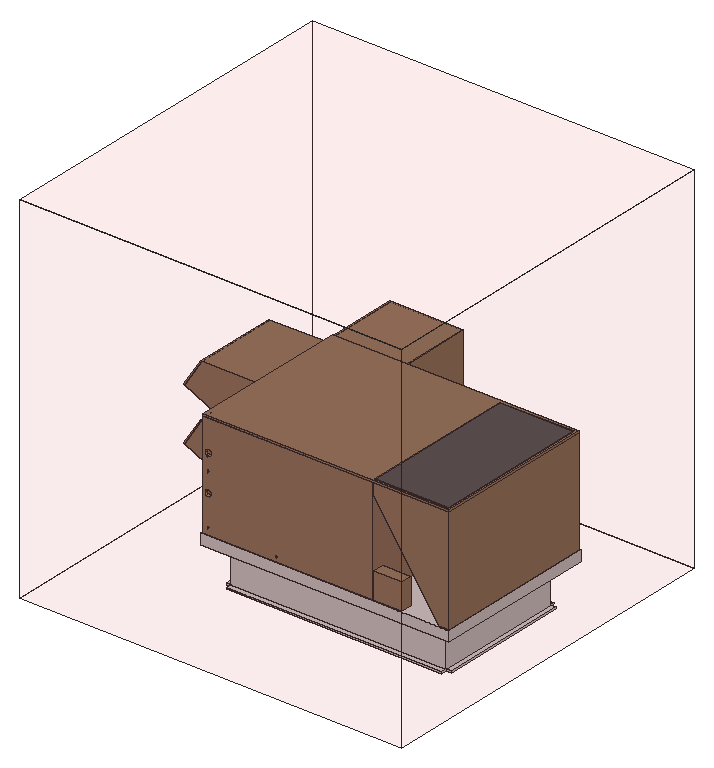
Revit family "Air_Conditioner_Packaged_Rooftop Z(F,H,S,U) 6.5-7.5T_ Z(H,J,R,T,U,W,K,V) 3T-5T", category Mechanical Equipment, Revit 2018 (continued)
Definition of nested family "Commercial_Comfort_Systems-Series_10-Johnson_Control-Curb"
  Dimensions and locks (in)
    aligned and locked: plane 19 "Top" to Extrusion 2
    aligned and locked: Extrusion 2 to plane 20 "Lip Bottom"
    aligned and locked: Extrusion 3 sketch curve to plane 9 "Frame Thickness Back"  (x2)
    aligned and locked: Extrusion 3 sketch curve to plane 12 "Frame Front"  (x2)
    aligned and locked: plane 8 "Frame Thickness Left" to Extrusion 3 sketch curve
    aligned and locked: Extrusion 3 sketch curve to plane 6 "Left"
    aligned and locked: plane 13 "Frame Right" to Extrusion 3 sketch curve
    aligned and locked: Extrusion 3 sketch curve to plane 7 "Right"
    aligned and locked: Extrusion 3 to plane 2 "Bottom"
    aligned and locked: plane 21 "Flange Top" to Extrusion 3
    aligned and locked: Extrusion 4 sketch curve to plane 8 "Frame Thickness Left"  (x2)
    aligned and locked: plane 9 "Frame Thickness Back" to Extrusion 4 sketch curve
    aligned and locked: Extrusion 4 sketch curve to plane 13 "Frame Right"  (x2)
    aligned and locked: Extrusion 4 sketch curve to plane 4 "Back"
    aligned and locked: plane 12 "Frame Front" to Extrusion 4 sketch curve
    aligned and locked: Extrusion 4 sketch curve to plane 5 "Front"
    aligned and locked: Extrusion 4 to plane 2 "Bottom"
    aligned and locked: plane 21 "Flange Top" to Extrusion 4
    aligned and locked: curve 2 to plane 6 "Left"
    aligned and locked: curve 1 to plane 4 "Back"
    aligned and locked: curve 4 to plane 7 "Right"
    aligned and locked: curve 5 to plane 4 "Back"
    aligned and locked: curve 8 to plane 7 "Right"
    aligned and locked: curve 7 to plane 5 "Front"
    aligned and locked: curve 6 to plane 6 "Left"
    aligned and locked: curve 9 to plane 9 "Frame Thickness Back"
    aligned and locked: curve 10 to plane 8 "Frame Thickness Left"
    aligned and locked: curve 11 to plane 12 "Frame Front"
    aligned and locked: curve 12 to plane 13 "Frame Right"
    aligned and locked: curve 13 to plane 9 "Frame Thickness Back"
    aligned and locked: curve 16 to plane 13 "Frame Right"
    aligned and locked: curve 14 to plane 8 "Frame Thickness Left"
    aligned and locked: curve 15 to plane 12 "Frame Front"
    aligned and locked: curve 18 to plane 6 "Left"
    aligned and locked: curve 19 to plane 5 "Front"
    aligned and locked: curve 20 to plane 7 "Right"
    aligned and locked: curve 17 to plane 4 "Back"
    aligned and locked: curve 21 to plane 4 "Back"
    aligned and locked: curve 22 to plane 6 "Left"
    aligned and locked: curve 23 to plane 5 "Front"
    aligned and locked: curve 24 to plane 7 "Right"
    aligned and locked: plane 2 "Bottom" to curve 28
    aligned and locked: plane 2 "Bottom" to curve 25
    aligned and locked: plane 2 "Bottom" to curve 32
    aligned and locked: plane 2 "Bottom" to curve 29
    aligned and locked: plane 21 "Flange Top" to curve 28
    aligned and locked: plane 21 "Flange Top" to curve 25
    aligned and locked: plane 21 "Flange Top" to curve 32
    aligned and locked: plane 21 "Flange Top" to curve 29
    aligned and locked: plane 20 "Lip Bottom" to curve 27
    aligned and locked: plane 20 "Lip Bottom" to curve 26
    aligned and locked: plane 20 "Lip Bottom" to curve 31
    aligned and locked: plane 20 "Lip Bottom" to curve 30
    aligned and locked: plane 19 "Top" to curve 30
    aligned and locked: plane 19 "Top" to curve 31
    aligned and locked: plane 19 "Top" to curve 26
    aligned and locked: plane 19 "Top" to curve 27
    aligned and locked: curve 26 to plane 6 "Left"
    aligned and locked: curve 27 to plane 6 "Left"
    aligned and locked: curve 25 to plane 6 "Left"
    aligned and locked: curve 28 to plane 6 "Left"
    aligned and locked: plane 7 "Right" to curve 31
    aligned and locked: plane 7 "Right" to curve 30
    aligned and locked: plane 7 "Right" to curve 32
    aligned and locked: plane 7 "Right" to curve 29
    aligned and locked: plane 20 "Lip Bottom" to curve 35
    aligned and locked: plane 20 "Lip Bottom" to curve 34
    aligned and locked: plane 20 "Lip Bottom" to curve 33
    aligned and locked: plane 20 "Lip Bottom" to curve 36
    aligned and locked: plane 21 "Flange Top" to curve 36
    aligned and locked: plane 21 "Flange Top" to curve 33
    aligned and locked: plane 21 "Flange Top" to curve 34
    aligned and locked: plane 21 "Flange Top" to curve 35
    aligned and locked: curve 34 to plane 8 "Frame Thickness Left"
    aligned and locked: curve 35 to plane 8 "Frame Thickness Left"
    aligned and locked: plane 13 "Frame Right" to curve 33
    aligned and locked: plane 13 "Frame Right" to curve 36
    aligned and locked: Masking region 1 sketch curve to plane 19 "Top"
    aligned and locked: Masking region 1 sketch curve to plane 6 "Left"
    aligned and locked: plane 20 "Lip Bottom" to Masking region 1 sketch curve  (x2)
    aligned and locked: Masking region 1 sketch curve to plane 8 "Frame Thickness Left"
    aligned and locked: Masking region 1 sketch curve to plane 13 "Frame Right"
    aligned and locked: plane 2 "Bottom" to Masking region 1 sketch curve
    aligned and locked: Masking region 1 sketch curve to plane 7 "Right"
    aligned and locked: plane 8 "Frame Thickness Left" to Masking region 2 sketch curve
    aligned and locked: Masking region 2 sketch curve to plane 6 "Left"
    aligned and locked: Masking region 2 sketch curve to plane 21 "Flange Top"  (x2)
    aligned and locked: plane 2 "Bottom" to Masking region 2 sketch curve  (x2)
    aligned and locked: plane 13 "Frame Right" to Masking region 2 sketch curve
    aligned and locked: Masking region 2 sketch curve to plane 7 "Right"
    aligned and locked: plane 13 "Frame Right" to curve 37
    aligned and locked: plane 8 "Frame Thickness Left" to curve 37
    aligned and locked: curve 37 to plane 21 "Flange Top"
    aligned and locked: Masking region 3 sketch curve to plane 5 "Front"
    aligned and locked: Masking region 3 sketch curve to plane 19 "Top"
    aligned and locked: Masking region 3 sketch curve to plane 4 "Back"
    aligned and locked: plane 20 "Lip Bottom" to Masking region 3 sketch curve  (x2)
    aligned and locked: Masking region 3 sketch curve to plane 9 "Frame Thickness Back"
    aligned and locked: plane 2 "Bottom" to Masking region 3 sketch curve
    aligned and locked: Masking region 3 sketch curve to plane 12 "Frame Front"
    aligned and locked: Masking region 4 sketch curve to plane 5 "Front"
    aligned and locked: plane 12 "Frame Front" to Masking region 4 sketch curve
    aligned and locked: Masking region 4 sketch curve to plane 21 "Flange Top"  (x2)
    aligned and locked: plane 2 "Bottom" to Masking region 4 sketch curve  (x2)
    aligned and locked: plane 9 "Frame Thickness Back" to Masking region 4 sketch curve
    aligned and locked: Masking region 4 sketch curve to plane 4 "Back"
    aligned and locked: plane 9 "Frame Thickness Back" to curve 38
    aligned and locked: plane 12 "Frame Front" to curve 38
    aligned and locked: curve 38 to plane 21 "Flange Top"
    aligned and locked: plane 13 "Frame Right" to curve 39
    aligned and locked: plane 8 "Frame Thickness Left" to curve 39
    aligned and locked: curve 39 to plane 20 "Lip Bottom"
    aligned and locked: plane 9 "Frame Thickness Back" to curve 40
    aligned and locked: plane 12 "Frame Front" to curve 40
    aligned and locked: curve 40 to plane 20 "Lip Bottom"
    aligned and locked: curve 3 to plane 5 "Front"
Definition of nested family "Commercial_Comfort_Systems-Series_10-Johnson_Control-Outdoor_Air_Hood"
  Parameters
    Paint Finish = none
    Length = 26"
    Height = 35 3/4"
    Depth = 25 3/4"
  Reference planes (in)
    plane 1 "Center (Front/Back)": y = 0
    plane 2 "Bottom": z = 0
    plane 3 "Center (Left/Right)": x = 0
    plane 4 "Back": y = 12.875
    plane 5 "Front": y = -12.875
    plane 6 "Left": x = -13
    plane 7 "Right": x = 13
    plane 8 "Top": z = 35.75
    plane 9 "Frame Left": x = -12.75
    plane 10 "Frame Right": x = 12.75
    plane 11 "Opening Top": z = 23.75
    plane 12 "Opening Bottom": z = 4
    plane 13 "Frame Top": z = 35.5
    plane 14 "Frame Front": y = -12.625
  Forms (in)
    Extrusion 1, solid, material <- "Paint Finish", detail levels fine
      sketch origin (0, 0, 0) x (1, 0, 0) y (0, 1, 0)
        loop
          line (-13, 12.875) -> (-13, -12.875) -> (-12.75, -12.875) -> (-12.75, 12.875) -> (-13, 12.875)
        loop
          line (12.75, 12.875) -> (12.75, -12.875) -> (13, -12.875) -> (13, 12.875) -> (12.75, 12.875)
      from 0 to 35.5
    Extrusion 2, solid, material <- "Paint Finish", detail levels fine
      sketch origin (0, 0, 0) x (1, 0, 0) y (0, 1, 0)
        loop
          line (-13, 12.875) -> (-13, -12.875) -> (13, -12.875) -> (13, 12.875) -> (-13, 12.875)
      from 35.5 to 35.75
    Extrusion 3, solid, material <- "Paint Finish", detail levels fine
      sketch origin (0, 0, 0) x (0, 1, 0) y (0, 0, 1)
        loop
          line (-12.875, 4) -> (-12.72285, 3.80163) -> (12.875, 23.43493) -> (12.875, 23.75) -> (-12.875, 4)
      from -12.75 to 12.75
    Extrusion 4, solid, material <- "Paint Finish", detail levels fine
      sketch origin (0, 0, 0) x (1, 0, 0) y (0, 0, 1)
        loop
          line (-12.75, 35.5) -> (-12.75, 23.75) -> (12.75, 23.75) -> (12.75, 35.5) -> (-12.75, 35.5)
      from 12.625 to 12.875
  Lines and regions (in)
    Masking region 1, detail levels medium+fine
      outline origin (0, 0, 35.75) x (-1, 0, 0) y (0, -1, 0)
        loop
          line (13, -12.875) -> (13, 12.875) -> (-13, 12.875) -> (-13, -12.875) -> (13, -12.875)
    Masking region 2, detail levels medium+fine
      outline origin (0, 0, 0) x (1, 0, 0) y (0, 0, 1)
        loop
          line (-13, 35.75) -> (-13, 0) -> (-12.75, 0) -> (-12.75, 4) -> (12.75, 4) -> (12.75, 0) -> (13, 0) -> (13, 35.75) -> (-13, 35.75)
    Masking region 3, detail levels medium+fine
      outline origin (0, 0, 0) x (0, 1, 0) y (0, 0, 1)
        loop
          line (-12.875, 35.75) -> (-12.875, 0) -> (12.875, 0) -> (12.875, 35.75) -> (-12.875, 35.75)
    symbolic lines, detail levels fine
      curve 1: line (-13, 0, 23.75) -> (13, 0, 23.75)
    model lines, detail levels medium
      curve 2: line (-13, 12.875, 35.75) -> (13, 12.875, 35.75)
      curve 3: line (-13, -12.875, 35.75) -> (-13, 12.875, 35.75)
      curve 4: line (13, -12.875, 35.75) -> (-13, -12.875, 35.75)
      curve 5: line (13, 12.875, 35.75) -> (13, -12.875, 35.75)
      curve 6: line (-13, 12.875, 0) -> (13, 12.875, 0)
      curve 7: line (-13, -12.875, 0) -> (-13, 12.875, 0)
      curve 8: line (13, -12.875, 0) -> (-13, -12.875, 0)
      curve 9: line (13, 12.875, 0) -> (13, -12.875, 0)
      curve 10: line (-13, -12.875, 0) -> (-13, -12.875, 35.75)
      curve 11: line (13, -12.875, 0) -> (13, -12.875, 35.75)
      curve 12: line (-13, 12.875, 0) -> (-13, 12.875, 35.75)
      curve 13: line (13, 12.875, 0) -> (13, 12.875, 35.75)
  Dimensions and locks (in)
    equal spacing: plane 6 "Left", plane 3 "Center (Left/Right)", plane 7 "Right"
    "Length": plane 6 "Left" to plane 7 "Right"
    equal spacing: plane 4 "Back", plane 1 "Center (Front/Back)", plane 5 "Front"
    "Depth": plane 5 "Front" to plane 4 "Back"
    "Height": plane 8 "Top" to plane 2 "Bottom"
    locked: plane 6 "Left" to plane 9 "Frame Left" at 0.25
    locked: plane 10 "Frame Right" to plane 7 "Right" at 0.25
    locked: plane 8 "Top" to plane 11 "Opening Top" at 12
    locked: plane 12 "Opening Bottom" to plane 2 "Bottom" at 4
    locked: plane 8 "Top" to plane 13 "Frame Top" at 0.25
    locked: Extrusion 3 sketch curve to Extrusion 3 sketch curve at 0.25
    locked: plane 11 "Opening Top" to Extrusion 3 sketch curve at 0.31507
    locked: plane 5 "Front" to plane 14 "Frame Front" at 0.25
    locked: Extrusion 3 sketch curve to Extrusion 3 sketch curve (angle 90.00°)  (x2)
    locked: plane 12 "Opening Bottom" to Extrusion 3 sketch curve (angle 37.4879°)
    aligned and locked: Extrusion 1 sketch curve to plane 4 "Back"  (x2)
    aligned and locked: Extrusion 1 sketch curve to plane 10 "Frame Right"
    aligned and locked: plane 7 "Right" to Extrusion 1 sketch curve
    aligned and locked: Extrusion 1 sketch curve to plane 5 "Front"  (x2)
    aligned and locked: Extrusion 1 sketch curve to plane 9 "Frame Left"
    aligned and locked: plane 6 "Left" to Extrusion 1 sketch curve
    aligned and locked: plane 13 "Frame Top" to Extrusion 1
    aligned and locked: Extrusion 1 to plane 2 "Bottom"
    aligned and locked: Extrusion 2 sketch curve to plane 4 "Back"
    aligned and locked: plane 7 "Right" to Extrusion 2 sketch curve
    aligned and locked: Extrusion 2 sketch curve to plane 5 "Front"
    aligned and locked: plane 6 "Left" to Extrusion 2 sketch curve
    aligned and locked: plane 8 "Top" to Extrusion 2
    aligned and locked: Extrusion 2 to plane 13 "Frame Top"
    aligned and locked: plane 11 "Opening Top" to Extrusion 3 sketch curve
    aligned and locked: plane 12 "Opening Bottom" to Extrusion 3 sketch curve
    aligned and locked: plane 5 "Front" to Extrusion 3 sketch curve
    aligned and locked: Extrusion 3 to plane 10 "Frame Right"
    aligned and locked: Extrusion 3 to plane 9 "Frame Left"
    aligned and locked: plane 11 "Opening Top" to Extrusion 4 sketch curve
    aligned and locked: plane 10 "Frame Right" to Extrusion 4 sketch curve
    aligned and locked: plane 9 "Frame Left" to Extrusion 4 sketch curve
    aligned and locked: Extrusion 4 sketch curve to plane 13 "Frame Top"
    aligned and locked: plane 5 "Front" to Extrusion 4
    aligned and locked: Extrusion 4 to plane 14 "Frame Front"
    aligned and locked: Masking region 1 sketch curve to plane 4 "Back"
    aligned and locked: plane 7 "Right" to Masking region 1 sketch curve
    aligned and locked: Masking region 1 sketch curve to plane 5 "Front"
    aligned and locked: plane 6 "Left" to Masking region 1 sketch curve
    aligned and locked: plane 6 "Left" to Masking region 2 sketch curve
    aligned and locked: Masking region 2 sketch curve to plane 8 "Top"
    aligned and locked: plane 7 "Right" to Masking region 2 sketch curve
    aligned and locked: plane 2 "Bottom" to Masking region 2 sketch curve  (x2)
    aligned and locked: Masking region 2 sketch curve to plane 10 "Frame Right"
    aligned and locked: plane 12 "Opening Bottom" to Masking region 2 sketch curve
    aligned and locked: Masking region 2 sketch curve to plane 9 "Frame Left"
    aligned and locked: plane 6 "Left" to curve 1
    aligned and locked: plane 7 "Right" to curve 1
    aligned and locked: curve 1 to plane 11 "Opening Top"
    aligned and locked: plane 2 "Bottom" to Masking region 3 sketch curve
    aligned and locked: Masking region 3 sketch curve to plane 4 "Back"
    aligned and locked: Masking region 3 sketch curve to plane 8 "Top"
    aligned and locked: Masking region 3 sketch curve to plane 5 "Front"
    aligned and locked: curve 2 to plane 4 "Back"
    aligned and locked: curve 4 to plane 5 "Front"
    aligned and locked: curve 8 to plane 5 "Front"
    aligned and locked: plane 7 "Right" to curve 5
    aligned and locked: plane 7 "Right" to curve 9
    aligned and locked: plane 6 "Left" to curve 3
    aligned and locked: plane 6 "Left" to curve 7
    aligned and locked: curve 6 to plane 4 "Back"
    aligned and locked: plane 2 "Bottom" to curve 12
    aligned and locked: plane 2 "Bottom" to curve 10
    aligned and locked: plane 2 "Bottom" to curve 13
    aligned and locked: plane 2 "Bottom" to curve 11
    aligned and locked: plane 8 "Top" to curve 13
    aligned and locked: plane 8 "Top" to curve 11
    aligned and locked: plane 8 "Top" to curve 10
    aligned and locked: plane 8 "Top" to curve 12
    aligned and locked: plane 6 "Left" to curve 10
    aligned and locked: plane 6 "Left" to curve 12
    aligned and locked: curve 11 to plane 7 "Right"
    aligned and locked: curve 13 to plane 7 "Right"
Definition of nested family "Commercial_Comfort_Systems-Series_10-Johnson_Control-Hood"
  Parameters
    Paint Finish = none
    Open Hole [instance] = yes
    No Hood [instance] = not(or(Hood, Open Hole))  # no
    Length = 30 1/4"
    Hood [instance] = yes
    Height = 18 7/8"
    Depth = 26"
  Reference planes (in)
    plane 1 "Center (Front/Back)": y = 0
    plane 2 "Bottom": z = 0
    plane 3 "Center (Left/Right)": x = 0
    plane 4 "Back": y = 13
    plane 5 "Front": y = -13
    plane 6 "Left": x = -15.125
    plane 7 "Right": x = 15.125
    plane 8 "Bottom Angle Back": y = 7
    plane 9 "Top Angle Front": y = -7
    plane 10 "Top": z = 18.875
    plane 11 "Frame Left": x = -14.875
    plane 12 "Frame Right": x = 14.875
    plane 13 "Frame Top": z = 18.625
    plane 14 "Frame Bottom": z = 0.25
    plane 15 "Center Elevation": z = 9.4375
    plane 16 "Close Hood Back": y = 13.5
    plane 17 "Front Offset": y = -12.77212
    plane 18 "Center (Elevation) Offset": z = 9.1875
    plane 19 "Bottom Angle Back Offset": y = 6.4702
    plane 20 "Top Angle Front Offset": y = -6.86269
  Forms (in)
    Extrusion 1, solid, material <- "Paint Finish", visible <- "Hood", detail levels fine
      sketch origin (0, 0, 0) x (0, 1, 0) y (0, 0, 1)
        loop
          line (-13, 9.4375) -> (7, 0) -> (13, 0) -> (13, 18.875) -> (-7, 18.875) -> (-13, 9.4375)
      from -15.125 to 15.125
    Extrusion 2, solid, material <- "Paint Finish", visible <- "No Hood", detail levels medium+fine
      sketch origin (0, 0, 9.4375) x (-1, 0, 0) y (0, -1, 0)
        loop
          line (15.125, -13.5) -> (15.125, -13) -> (-15.125, -13) -> (-15.125, -13.5) -> (15.125, -13.5)
      from -9.4375 to 9.4375
    Extrusion 3, void, detail levels fine
      sketch origin (15.125, 0, 0) x (0, -1, 0) y (0, 0, -1)
        loop
          line (-13, -18.625) -> (6.86269, -18.625) -> (12.77212, -9.1875) -> (-6.4702, -0.25) -> (-13, -0.25) -> (-13, -18.625)
      from -30 to -0.25
  Cuts and joins
    Extrusion 3 cuts Extrusion 1
  Lines and regions (in)
    Masking region 1, visible <- "Hood", detail levels medium+fine
      outline origin (0, 0, 18.875) x (-1, 0, 0) y (0, -1, 0)
        loop
          line (15.125, -13) -> (15.125, 13) -> (-15.125, 13) -> (-15.125, -13) -> (15.125, -13)
    Masking region 2, visible <- "Hood", detail levels medium+fine
      outline origin (0, 0, 0) x (0, 1, 0) y (0, 0, 1)
        loop
          line (-7, 18.875) -> (-13, 9.4375) -> (7, 0) -> (13, 0) -> (13, 18.875) -> (-7, 18.875)
    Masking region 3, detail levels medium+fine
      outline origin (0, 0, 0) x (1, 0, 0) y (0, 0, 1)
        loop
          line (-15.125, 18.875) -> (-15.125, 0) -> (15.125, 0) -> (15.125, 18.875) -> (-15.125, 18.875)
    symbolic lines, visible <- "Hood", detail levels fine
      curve 1: line (-15.125, -7, 18.875) -> (15.125, -7, 18.875)
      curve 2: line (-15.125, 0, 9.4375) -> (15.125, 0, 9.4375)
    model lines, visible <- "Hood", detail levels medium
      curve 3: line (-15.125, 13, 18.875) -> (15.125, 13, 18.875)
      curve 4: line (-15.125, -7, 18.875) -> (-15.125, 13, 18.875)
      curve 5: line (15.125, -7, 18.875) -> (-15.125, -7, 18.875)
      curve 6: line (15.125, 13, 18.875) -> (15.125, -7, 18.875)
      curve 7: line (-15.125, 13, 0) -> (15.125, 13, 0)
      curve 8: line (-15.125, 7, 0) -> (-15.125, 13, 0)
      curve 9: line (15.125, 7, 0) -> (-15.125, 7, 0)
      curve 10: line (15.125, 13, 0) -> (15.125, 7, 0)
      curve 11: line (-15.125, -13, 9.4375) -> (15.125, -13, 9.4375)
      curve 12: line (15.125, -7, 18.875) -> (15.125, -13, 9.4375)
      curve 13: line (15.125, -13, 9.4375) -> (15.125, 7, 0)
      curve 14: line (-15.125, -7, 18.875) -> (-15.125, -13, 9.4375)
      curve 15: line (-15.125, -13, 9.4375) -> (-15.125, 7, 0)
    model lines, detail levels medium
      curve 16: line (-15.125, 13, 18.875) -> (-15.125, 13, 0)
      curve 17: line (15.125, 13, 0) -> (15.125, 13, 18.875)
  Dimensions and locks (in)
    equal spacing: plane 5 "Front", plane 1 "Center (Front/Back)", plane 4 "Back"
    "Depth": plane 5 "Front" to plane 4 "Back"
    equal spacing: plane 6 "Left", plane 3 "Center (Left/Right)", plane 7 "Right"
    "Length": plane 6 "Left" to plane 7 "Right"
    locked: plane 4 "Back" to plane 8 "Bottom Angle Back" at 6
    locked: plane 5 "Front" to plane 9 "Top Angle Front" at 6
    "Height": plane 10 "Top" to plane 2 "Bottom"
    locked: plane 14 "Frame Bottom" to plane 2 "Bottom" at 0.25
    locked: plane 10 "Top" to plane 13 "Frame Top" at 0.25
    locked: plane 6 "Left" to plane 11 "Frame Left" at 0.25
    locked: plane 12 "Frame Right" to plane 7 "Right" at 0.25
    equal spacing: plane 10 "Top", plane 15 "Center Elevation", plane 2 "Bottom"
    locked: plane 16 "Close Hood Back" to plane 4 "Back" at 0.5
    locked: plane 5 "Front" to plane 17 "Front Offset" at 0.22788
    locked: plane 15 "Center Elevation" to plane 18 "Center (Elevation) Offset" at 0.25
    locked: plane 19 "Bottom Angle Back Offset" to plane 8 "Bottom Angle Back" at 0.5298
    locked: plane 9 "Top Angle Front" to plane 20 "Top Angle Front Offset" at 0.13731
    aligned and locked: Extrusion 1 sketch curve to plane 10 "Top"
    aligned and locked: Extrusion 1 sketch curve to plane 4 "Back"
    aligned and locked: plane 2 "Bottom" to Extrusion 1 sketch curve  (x2)
    aligned and locked: plane 8 "Bottom Angle Back" to Extrusion 1 sketch curve
    aligned and locked: plane 5 "Front" to Extrusion 1 sketch curve
    aligned and locked: plane 15 "Center Elevation" to Extrusion 1 sketch curve
    aligned and locked: plane 9 "Top Angle Front" to Extrusion 1 sketch curve
    aligned and locked: plane 6 "Left" to Extrusion 1
    aligned and locked: plane 7 "Right" to Extrusion 1
    aligned and locked: Masking region 1 sketch curve to plane 5 "Front"
    aligned and locked: Masking region 1 sketch curve to plane 7 "Right"
    aligned and locked: Masking region 1 sketch curve to plane 6 "Left"
    aligned and locked: Masking region 1 sketch curve to plane 4 "Back"
    aligned and locked: plane 7 "Right" to curve 1
    aligned and locked: plane 9 "Top Angle Front" to curve 1
    aligned and locked: plane 10 "Top" to Masking region 2 sketch curve  (x2)
    aligned and locked: plane 4 "Back" to Masking region 2 sketch curve
    aligned and locked: Masking region 2 sketch curve to plane 2 "Bottom"
    aligned and locked: plane 8 "Bottom Angle Back" to Masking region 2 sketch curve
    aligned and locked: plane 5 "Front" to Masking region 2 sketch curve
    aligned and locked: plane 15 "Center Elevation" to Masking region 2 sketch curve
    aligned and locked: plane 9 "Top Angle Front" to Masking region 2 sketch curve
    aligned and locked: Masking region 3 sketch curve to plane 10 "Top"
    aligned and locked: plane 2 "Bottom" to Masking region 3 sketch curve
    aligned and locked: Masking region 3 sketch curve to plane 7 "Right"
    aligned and locked: Masking region 3 sketch curve to plane 6 "Left"
    aligned and locked: plane 6 "Left" to curve 2
    aligned and locked: plane 7 "Right" to curve 2
    aligned and locked: curve 2 to plane 15 "Center Elevation"
    aligned and locked: curve 3 to plane 4 "Back"
    aligned and locked: curve 4 to plane 6 "Left"
    aligned and locked: curve 5 to plane 9 "Top Angle Front"
    aligned and locked: curve 6 to plane 7 "Right"
    aligned and locked: plane 8 "Bottom Angle Back" to curve 9
    aligned and locked: curve 10 to plane 7 "Right"
    aligned and locked: curve 8 to plane 6 "Left"
    aligned and locked: curve 7 to plane 4 "Back"
    aligned and locked: plane 6 "Left" to curve 11
    aligned and locked: plane 7 "Right" to curve 11
    aligned and locked: plane 5 "Front" to curve 11
    aligned and locked: plane 10 "Top" to curve 12
    aligned and locked: plane 9 "Top Angle Front" to curve 12
    aligned and locked: plane 8 "Bottom Angle Back" to curve 13
    aligned and locked: plane 2 "Bottom" to curve 13
    aligned and locked: plane 5 "Front" to curve 13
    aligned and locked: plane 15 "Center Elevation" to curve 13
    aligned and locked: plane 2 "Bottom" to curve 15
    aligned and locked: plane 8 "Bottom Angle Back" to curve 15
    aligned and locked: plane 15 "Center Elevation" to curve 15
    aligned and locked: plane 5 "Front" to curve 15
    aligned and locked: Extrusion 2 sketch curve to plane 6 "Left"
    aligned and locked: Extrusion 2 sketch curve to plane 7 "Right"
    aligned and locked: plane 4 "Back" to Extrusion 2 sketch curve
    aligned and locked: Extrusion 2 sketch curve to plane 16 "Close Hood Back"
    aligned and locked: Extrusion 2 to plane 2 "Bottom"
    aligned and locked: plane 10 "Top" to Extrusion 2
    aligned and locked: Extrusion 3 sketch curve to plane 4 "Back"
    aligned and locked: plane 14 "Frame Bottom" to Extrusion 3 sketch curve  (x2)
    aligned and locked: plane 11 "Frame Left" to Extrusion 3
    aligned and locked: plane 12 "Frame Right" to Extrusion 3
    aligned and locked: plane 17 "Front Offset" to Extrusion 3 sketch curve
    aligned and locked: plane 18 "Center (Elevation) Offset" to Extrusion 3 sketch curve
    aligned and locked: plane 19 "Bottom Angle Back Offset" to Extrusion 3 sketch curve
    aligned and locked: plane 20 "Top Angle Front Offset" to Extrusion 3 sketch curve
    aligned and locked: plane 13 "Frame Top" to Extrusion 3 sketch curve
    aligned and locked: plane 6 "Left" to curve 16
    aligned and locked: plane 7 "Right" to curve 17
    aligned and locked: plane 2 "Bottom" to curve 16
    aligned and locked: plane 2 "Bottom" to curve 17
    aligned and locked: plane 10 "Top" to curve 17
    aligned and locked: plane 10 "Top" to curve 14
    aligned and locked: plane 10 "Top" to curve 16
  Automatic sketch dimensions
    curve 14 to plane 9 "Top Angle Front" = 0"
    curve 14 to plane 10 "Top" = 0"
Definition of nested family "Include Clearance"
  Parameters
    Width = 36"
    Height = 36"
    Depth = 36"
    Clearance Top = 6"
    Clearance Right = 6"
    Clearance Material = none
    Clearance Left = 6"
    Clearance Front = 6"
    Clearance Bottom = 6"
    Clearance Back = 6"
    Assembly Code = ""
  Reference planes (in)
    plane 1 "Center (Front/Back)": y = 0
    plane 2 "Bottom": z = 0
    plane 3 "Center (Left/Right)": x = 0
    plane 4 "Clearance Front": y = -24
    plane 5 "Top": z = 36
    plane 6 "Back": y = 18
    plane 7 "Left": x = -18
    plane 8 "Front": y = -18
    plane 9 "Right": x = 18
    plane 10 "Clearance Back": y = 24
    plane 11 "Clearance Left": x = -24
    plane 12 "Clearance Right": x = 24
    plane 13 "Clearance Top": z = 42
    plane 14 "Clearance Bottom": z = -6
  Forms (in)
    Extrusion 1, solid, material <- "Clearance Material"
      sketch origin (0, 0, 36) x (-1, 0, 0) y (0, -1, 0)
        loop
          line (24, -24) -> (24, 24) -> (-24, 24) -> (-24, -24) -> (24, -24)
      from -42 to 6
  Lines and regions (in)
    symbolic lines
      curve 1: line (-24, 24, 36) -> (24, 24, 36)
      curve 2: line (-24, -24, 36) -> (-24, 24, 36)
      curve 3: line (24, -24, 36) -> (-24, -24, 36)
      curve 4: line (24, 24, 36) -> (24, -24, 36)
      curve 5: line (-24, 0, 42) -> (24, 0, 42)
      curve 6: line (-24, 0, -6) -> (-24, 0, 42)
      curve 7: line (24, 0, -6) -> (-24, 0, -6)
      curve 8: line (24, 0, 42) -> (24, 0, -6)
      curve 9: line (0, -24, 42) -> (0, 24, 42)
      curve 10: line (0, -24, -6) -> (0, -24, 42)
      curve 11: line (0, 24, -6) -> (0, -24, -6)
      curve 12: line (0, 24, 42) -> (0, 24, -6)
  Dimensions and locks (in)
    "Height": plane 5 "Top" to plane 2 "Bottom"
    "Depth": plane 6 "Back" to plane 8 "Front"
    "Width": plane 7 "Left" to plane 9 "Right"
    equal spacing: plane 7 "Left", plane 3 "Center (Left/Right)", plane 9 "Right"
    equal spacing: plane 6 "Back", plane 1 "Center (Front/Back)", plane 8 "Front"
    "Clearance Bottom": plane 2 "Bottom" to plane 14 "Clearance Bottom"
    "Clearance Top": plane 13 "Clearance Top" to plane 5 "Top"
    "Clearance Left": plane 11 "Clearance Left" to plane 7 "Left"
    "Clearance Right": plane 9 "Right" to plane 12 "Clearance Right"
    "Clearance Back": plane 10 "Clearance Back" to plane 6 "Back"
    "Clearance Front": plane 4 "Clearance Front" to plane 8 "Front"
    aligned and locked: level to plane 2 "Bottom"
    aligned and locked: Extrusion 1 sketch curve to plane 10 "Clearance Back"
    aligned and locked: Extrusion 1 sketch curve to plane 11 "Clearance Left"
    aligned and locked: Extrusion 1 sketch curve to plane 12 "Clearance Right"
    aligned and locked: Extrusion 1 sketch curve to plane 4 "Clearance Front"
    aligned and locked: plane 14 "Clearance Bottom" to Extrusion 1
    aligned and locked: plane 13 "Clearance Top" to Extrusion 1
    aligned and locked: curve 1 to plane 10 "Clearance Back"
    aligned and locked: curve 2 to plane 11 "Clearance Left"
    aligned and locked: curve 4 to plane 12 "Clearance Right"
    aligned and locked: curve 3 to plane 4 "Clearance Front"
    aligned and locked: curve 5 to plane 13 "Clearance Top"
    aligned and locked: curve 6 to plane 11 "Clearance Left"
    aligned and locked: curve 7 to plane 14 "Clearance Bottom"
    aligned and locked: curve 8 to plane 12 "Clearance Right"
    aligned and locked: curve 9 to plane 13 "Clearance Top"
    aligned and locked: curve 11 to plane 14 "Clearance Bottom"
    aligned and locked: curve 12 to plane 10 "Clearance Back"
    aligned and locked: curve 10 to plane 4 "Clearance Front"
